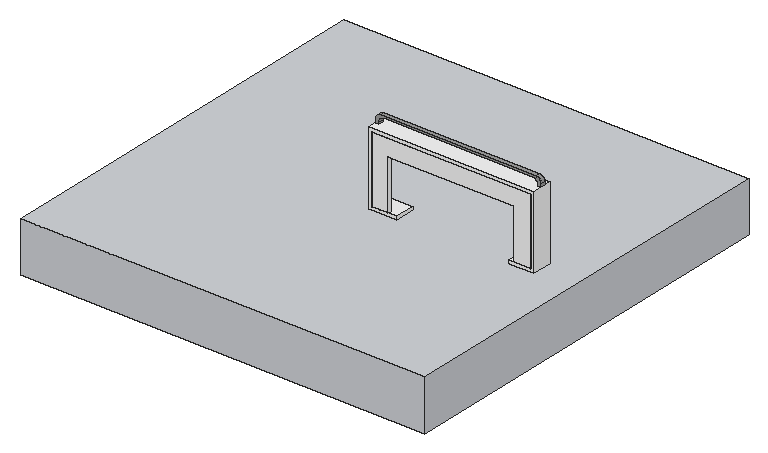
Revit family "IS_TonicII_R4310_BIM_GB", category Plumbing Fixtures, host Face, Revit 2014
Parameters (values of type "R4312WG - Tonic II 1000mm Shelf Unit - White Gloss")
  WaterEfficientProduct = no
  WarrantyStartDate [instance] = "1900-12-31T23:59:59"
  WarrantyGuarantorParts = "Productinfo@thebluebook.co.uk"
  WarrantyGuarantorLabor = "n/a"
  WarrantyDurationUnit = "year"
  WarrantyDurationParts = "5"
  WarrantyDurationLabor = "n/a"
  WarrantyDescription = "Manufacturers Warranty"
  WRAS = no
  VolumeUnits = "Litres"
  Version = "1"
  Uniclass2015Version = "Products v1.1"
  Uniclass2015Reference = "Pr_40_30_78_04"
  Uniclass2015Description = "Bathroom integrated duct work"
  Uniclass2 = "n/a"
  URL = "www.idealspec.co.uk"
  Type Comments = "n/a"
  TagNumber [instance] = "n/a"
  TMV3 = no
  SustainabilityPerformance = "n/a"
  SpareParts = "www.fastpart-spares.co.uk"
  Space = "Internal"
  Size = "120 x 440 x 997 mm"
  Shape = "Rectangular"
  SerialNumber [instance] = "n/a"
  Revision = "n/a"
  ReplacementCost = "n/a"
  ProductInformation = "www.idealspec.co.uk/datasheets/R4312WG"
  Phone = "01482 346 461"
  NominalWidth = 997 mm
  NominalLength = 440 mm
  NominalHeight = 120 mm
  NominalDepth = 440 mm
  NettWeight = "5.5 Kg"
  Name = "ISI_Furniture_TonicII_R4312WG_IdealStandard"
  NBSTypeID = "n/a"
  NBSReference = "45-35-72/320"
  NBSOfficeMasterTag = "n/a"
  NBSNote = "n/a"
  NBSDescription = "Bathroom integrated duct work"
  NBSCertification = "n/a"
  ModelReference = Description  # "Tonic II 1000mm shelf unit"
  ModelNumber = Model  # "R4312WG"
  ManufacturerURL = "www.idealspec.co.uk"
  LinearUnits = "millimeters"
  LaminateFinish = ISI_IdealStandard_Sanitaryware_WhiteGlossWG_Render
  Keynote = "n/a"
  InstallationInstructions = "www.idealspec.co.uk/resources.html"
  InstallationDate [instance] = "1900-12-31T23:59:59"
  IfcExportType = "USERDEFINED"
  IfcExportAs = "IfcFurnitureType"
  Help = "Productinfo@thebluebook.co.uk"
  HandleMatl = ISI_IdealStandard_Handle_Silver_Render
  HWFU = 0
  GrossWeight = "n/a"
  Grade = "n/a"
  Finish = "Gloss White"
  Features = "1000mm shelf unit"
  ExpectedLife = "30"
  DurationUnit = "year"
  CurrencyUnit = "n/a"
  CreatedOn = "2016_04_06"
  Cost = 0
  Constituents = "n/a"
  ConnectionType = "Plumbing"
  Color = "Gloss White"
  CodePerformance = "EN 14749:2005"
  Category = "Furniture"
  Reference = "n/a"
  Model = "R4312WG"
  Manufacturer = "Ideal Standard (UK) Ltd"
  ECA = no
  Description = "Tonic II 1000mm shelf unit"
  Default Elevation = 800 mm
  CWFU = 0
  Brand = "Ideal Standard"
  BarCode = "3391500572157"
  BREEAM = no
  BIMObjectName = "ISI_IdealStandard_Furniture_TonicII_R4312WG"
  Author = "Ideal Standard (UK) Ltd"
  AssetType = "Fixed"
  AssetIdentifier [instance] = "n/a"
  Assembly Code = "C1030200"
  AreaUnits = "millimeters"
  AreaMeasurement = "n/a"
  Accessories = "www.idealspec.co.uk"
  AccessibilityPerformance = "n/a"
Types (15, lengths in mm): name | Size | ProductInformation | NominalWidth | NettWeight | Name | ModelReference | ModelNumber | LaminateFinish | Finish | Features | Color | Model | Description | BarCode | BIMObjectName
  R4310FE - Tonic II 600mm Shelf Unit - Wood Light Grey | "120 x 440 x 597 mm" | "www.idealspec.co.uk/datasheets/R4310FE" | 597 | "4.5 Kg" | "ISI_Furniture_TonicII_R4310FE_IdealStandard" | "Tonic II 600mm shelf unit" | "R4310FE" | ISI_IdealStandard_Sanitaryware_WoodLightGreyFE_Render | "Light Grey Wood" | "600mm shelf unit" | "Light Grey Wood" | "R4310FE" | "Tonic II 600mm shelf unit" | "3391500572096" | "ISI_IdealStandard_Furniture_TonicII_R4310FE"
  R4310FF - Tonic II 600mm Shelf Unit - Wood Light Brown | "120 x 440 x 597 mm" | "www.idealspec.co.uk/datasheets/R4310FF" | 597 | "4.5 Kg" | "ISI_Furniture_TonicII_R4310FF_IdealStandard" | "Tonic II 600mm shelf unit" | "R4310FF" | ISI_IdealStandard_Sanitaryware_WoodLightBrownFF_Render | "Light Brown Wood" | "600mm shelf unit" | "Light Brown Wood" | "R4310FF" | "Tonic II 600mm shelf unit" | "3391500572089" | "ISI_IdealStandard_Furniture_TonicII_R4310FF"
  R4310FC - Tonic II 600mm Shelf Unit - Gloss Light Brown | "120 x 440 x 597 mm" | "www.idealspec.co.uk/datasheets/R4310FC" | 597 | "4.5 Kg" | "ISI_Furniture_TonicII_R4310FC_IdealStandard" | "Tonic II 600mm shelf unit" | "R4310FC" | ISI_IdealStandard_Sanitaryware_GlossLightBrownFC_Render | "Light Brown Gloss" | "600mm shelf unit" | "Light Brown Gloss" | "R4310FC" | "Tonic II 600mm shelf unit" | "3391500572072" | "ISI_IdealStandard_Furniture_TonicII_R4310FC"
  R4310FA - Tonic II 600mm Shelf Unit - Gloss light Grey | "120 x 440 x 597 mm" | "www.idealspec.co.uk/datasheets/R4310FA" | 597 | "4.5 Kg" | "ISI_Furniture_TonicII_R4310FA_IdealStandard" | "Tonic II 600mm shelf unit" | "R4310FA" | ISI_IdealStandard_Sanitaryware_GlossLightGreyFA_Render | "Light Grey Gloss" | "600mm shelf unit" | "Light Grey Gloss" | "R4310FA" | "Tonic II 600mm shelf unit" | "3391500572065" | "ISI_IdealStandard_Furniture_TonicII_R4310FA"
  R4310WG - Tonic II 600mm Shelf Unit - White Gloss | "120 x 440 x 597 mm" | "www.idealspec.co.uk/datasheets/R4310WG" | 597 | "4.5 Kg" | "ISI_Furniture_TonicII_R4310WG_IdealStandard" | "Tonic II 600mm shelf unit" | "R4310WG" | ISI_IdealStandard_Sanitaryware_WhiteGlossWG_Render | "Gloss White" | "600mm shelf unit" | "Gloss White" | "R4310WG" | "Tonic II 600mm shelf unit" | "3391500572058" | "ISI_IdealStandard_Furniture_TonicII_R4310WG"
  R4311WG - Tonic II 800mm Shelf Unit - White Gloss | "120 x 440 x 797 mm" | "www.idealspec.co.uk/datasheets/R4311WG" | 797 | "5 Kg" | "ISI_Furniture_TonicII_R4311WG_IdealStandard" | "Tonic II 800mm shelf unit" | "R4311WG" | ISI_IdealStandard_Sanitaryware_WhiteGlossWG_Render | "Gloss White" | "800mm shelf unit" | "Gloss White" | "R4311WG" | "Tonic II 800mm shelf unit" | "3391500572102" | "ISI_IdealStandard_Furniture_TonicII_R4311WG"
  R4311FF - Tonic II 800mm Shelf Unit - Wood Light Brown | "120 x 440 x 797 mm" | "www.idealspec.co.uk/datasheets/R4311FF" | 797 | "5 Kg" | "ISI_Furniture_TonicII_R4311FF_IdealStandard" | "Tonic II 800mm shelf unit" | "R4311FF" | ISI_IdealStandard_Sanitaryware_WoodLightBrownFF_Render | "Light Brown Wood" | "800mm shelf unit" | "Light Brown Wood" | "R4311FF" | "Tonic II 800mm shelf unit" | "3391500572133" | "ISI_IdealStandard_Furniture_TonicII_R4311FF"
  R4311FE - Tonic II 800mm Shelf Unit - Wood Light Grey | "120 x 440 x 797 mm" | "www.idealspec.co.uk/datasheets/R4311FE" | 797 | "5 Kg" | "ISI_Furniture_TonicII_R4311FE_IdealStandard" | "Tonic II 800mm shelf unit" | "R4311FE" | ISI_IdealStandard_Sanitaryware_WoodLightGreyFE_Render | "Light Grey Wood" | "800mm shelf unit" | "Light Grey Wood" | "R4311FE" | "Tonic II 800mm shelf unit" | "3391500572140" | "ISI_IdealStandard_Furniture_TonicII_R4311FE"
  R4311FA - Tonic II 800mm Shelf Unit - Gloss Light Grey | "120 x 440 x 797 mm" | "www.idealspec.co.uk/datasheets/R4311FA" | 797 | "5 Kg" | "ISI_Furniture_TonicII_R4311FA_IdealStandard" | "Tonic II 800mm shelf unit" | "R4311FA" | ISI_IdealStandard_Sanitaryware_GlossLightGreyFA_Render | "Light Grey Gloss" | "800mm shelf unit" | "Light Grey Gloss" | "R4311FA" | "Tonic II 800mm shelf unit" | "3391500572119" | "ISI_IdealStandard_Furniture_TonicII_R4311FA"
  R4311FC - Tonic II 800mm Shelf Unit - Gloss Light Brown | "120 x 440 x 797 mm" | "www.idealspec.co.uk/datasheets/R4311FC" | 797 | "5 Kg" | "ISI_Furniture_TonicII_R4311FC_IdealStandard" | "Tonic II 800mm shelf unit" | "R4311FC" | ISI_IdealStandard_Sanitaryware_GlossLightBrownFC_Render | "Light Brown Gloss" | "800mm shelf unit" | "Light Brown Gloss" | "R4311FC" | "Tonic II 800mm shelf unit" | "3391500572126" | "ISI_IdealStandard_Furniture_TonicII_R4311FC"
  R4312FE - Tonic II 1000mm Shelf Unit - Wood Light Grey | "120 x 440 x 997 mm" | "www.idealspec.co.uk/datasheets/R4312FE" | 997 | "5.5 Kg" | "ISI_Furniture_TonicII_R4312FE_IdealStandard" | "Tonic II 1000mm shelf unit" | "R4312FE" | ISI_IdealStandard_Sanitaryware_WoodLightGreyFE_Render | "Light Grey Wood" | "1000mm shelf unit" | "Light Grey Wood" | "R4312FE" | "Tonic II 1000mm shelf unit" | "3391500572195" | "ISI_IdealStandard_Furniture_TonicII_R4312FE"
  R4312FF - Tonic II 1000mm Shelf Unit - Wood Light Brown | "120 x 440 x 997 mm" | "www.idealspec.co.uk/datasheets/R4312FF" | 997 | "5.5 Kg" | "ISI_Furniture_TonicII_R4312FF_IdealStandard" | "Tonic II 1000mm shelf unit" | "R4312FF" | ISI_IdealStandard_Sanitaryware_WoodLightBrownFF_Render | "Light Brown Wood" | "1000mm shelf unit" | "Light Brown Wood" | "R4312FF" | "Tonic II 1000mm shelf unit" | "3391500572188" | "ISI_IdealStandard_Furniture_TonicII_R4312FF"
  R4312FA - Tonic II 1000mm Shelf Unit - Gloss Light Grey | "120 x 440 x 997 mm" | "www.idealspec.co.uk/datasheets/R4312FA" | 997 | "5.5 Kg" | "ISI_Furniture_TonicII_R4312FA_IdealStandard" | "Tonic II 1000mm shelf unit" | "R4312FA" | ISI_IdealStandard_Sanitaryware_GlossLightGreyFA_Render | "Light Grey Gloss" | "1000mm shelf unit" | "Light Grey Gloss" | "R4312FA" | "Tonic II 1000mm shelf unit" | "3391500572164" | "ISI_IdealStandard_Furniture_TonicII_R4312FA"
  R4312FC - Tonic II 1000mm Shelf Unit - Gloss Light Brown | "120 x 440 x 997 mm" | "www.idealspec.co.uk/datasheets/R4312FC" | 997 | "5.5 Kg" | "ISI_Furniture_TonicII_R4312FC_IdealStandard" | "Tonic II 1000mm shelf unit" | "R4312FC" | ISI_IdealStandard_Sanitaryware_GlossLightBrownFC_Render | "Light Brown Gloss" | "1000mm shelf unit" | "Light Brown Gloss" | "R4312FC" | "Tonic II 1000mm shelf unit" | "3391500572171" | "ISI_IdealStandard_Furniture_TonicII_R4312FC"
  R4312WG - Tonic II 1000mm Shelf Unit - White Gloss | "120 x 440 x 997 mm" | "www.idealspec.co.uk/datasheets/R4312WG" | 997 | "5.5 Kg" | "ISI_Furniture_TonicII_R4312WG_IdealStandard" | "Tonic II 1000mm shelf unit" | "R4312WG" | ISI_IdealStandard_Sanitaryware_WhiteGlossWG_Render | "Gloss White" | "1000mm shelf unit" | "Gloss White" | "R4312WG" | "Tonic II 1000mm shelf unit" | "3391500572157" | "ISI_IdealStandard_Furniture_TonicII_R4312WG"
Reference planes
  plane 1 "Center (Front/Back)": y = 0
  plane 2: z = 0
  plane 3 "Center (Left/Right)": x = 0
  plane 4: x = 997
  plane 5: y = -65
  plane 6: y = -40
  plane 7: y = -65
  plane 8: x = 977
  plane 9: x = 20
  plane 10: z = 440
  plane 11: z = 490
  plane 12: z = 480
  plane 13: y = -120
Forms (mm)
  Extrusion 1, solid
    sketch origin (0, 0, 0) x (1, 0, 0) y (0, 1, 0)
      loop
        line (-1219.2, 1219.2) -> (-1219.2, -1219.2) -> (1219.2, -1219.2) -> (1219.2, 1219.2) -> (-1219.2, 1219.2)
    from 0 to -304.8
  Extrusion 2, solid, material "ISI_IdealStandard_Sanitaryware_WhiteGlossWG_Render" <- "LaminateFinish"
    sketch origin (0, 0, 0) x (1, 0, 0) y (0, 0, 1)
      loop
        line (170, 0) -> (170, 18) -> (20, 18) -> (20, 422) -> (977, 422) -> (977, 18) -> (847, 18) -> (847, 0) -> (997, 0) -> (997, 440) -> (0, 440) -> (0, 0) -> (170, 0)
    from 0 to 120
  Extrusion 3, solid, material "ISI_IdealStandard_Sanitaryware_WhiteGlossWG_Render" <- "LaminateFinish"
    sketch origin (0, 0, 0) x (1, 0, 0) y (0, 0, 1)
      loop
        line (20, 422) -> (20, 18) -> (120, 18) -> (120, 322) -> (877, 322) -> (877, 18) -> (977, 18) -> (977, 422) -> (20, 422)
    from 102 to 120
  Extrusion 4, solid, material "ISI_IdealStandard_Handle_Silver_Render" <- "HandleMatl"
    sketch origin (0, 0, 0) x (1, 0, 0) y (0, 0, 1)
      loop
        line (20, 440) -> (20, 450)
        arc (20, 450) -> (28.787, 471.213) -> (50, 480) r 30
        line (50, 480) -> (947, 480)
        arc (947, 480) -> (968.213, 471.213) -> (977, 450) r 30
        line (977, 450) -> (977, 440) -> (997, 440) -> (997, 460)
        arc (997, 460) -> (988.213, 481.213) -> (967, 490) r 30
        line (967, 490) -> (30, 490)
        arc (30, 490) -> (8.787, 481.213) -> (0, 460) r 30
        line (0, 460) -> (0, 440) -> (20, 440)
    from 40 to 65
Dimensions and locks
  locked: plane 13 to plane 1 "Center (Front/Back)" at 120
  "NominalWidth": plane 3 "Center (Left/Right)" to plane 4
  locked: plane 3 "Center (Left/Right)" to plane 9 at 20
  locked: plane 8 to plane 4 at 20
  locked: plane 6 to plane 1 "Center (Front/Back)" at 40
  locked: plane 7 to plane 6 at 25
  "NominalDepth": plane 10 to level
  locked: plane 11 to plane 10 at 50
  locked: plane 11 to plane 12 at 10
  aligned and locked: plane 2 to Extrusion 1
  aligned and locked: level to Extrusion 1
  aligned and locked: plane 3 "Center (Left/Right)" to Extrusion 2 sketch curve
  aligned and locked: Extrusion 3 sketch curve to Extrusion 2  (x4)
  aligned and locked: Extrusion 2 to Extrusion 3 sketch curve
  aligned and locked: plane 13 to Extrusion 2
  aligned and locked: Extrusion 2 to plane 1 "Center (Front/Back)"
  aligned and locked: Extrusion 2 to Extrusion 3
Automatic sketch dimensions
  Extrusion 1 sketch curve to Extrusion 1 sketch curve = 2438.4 mm  (x2)
  Extrusion 2 sketch curve to plane 9 = 0 mm
  Extrusion 2 sketch curve to level = 0 mm  (x2)
  Extrusion 2 sketch curve to plane 8 = 0 mm
  Extrusion 2 sketch curve to plane 4 = 0 mm
  Extrusion 2 sketch curve to plane 10 = 0 mm
  plane 9 to Extrusion 2 sketch curve = 150 mm
  Extrusion 2 sketch curve to plane 8 = 130 mm
  Extrusion 2 sketch curve to Extrusion 2 sketch curve = 18 mm  (x2)
  Extrusion 2 sketch curve to plane 10 = 18 mm
  plane 9 to Extrusion 3 sketch curve = 100 mm
  Extrusion 3 sketch curve to Extrusion 3 sketch curve = 100 mm
  Extrusion 3 sketch curve to plane 10 = 118 mm
  Extrusion 4 sketch curve to plane 3 "Center (Left/Right)" = 0 mm
  Extrusion 4 sketch curve to plane 9 = 0 mm
  Extrusion 4 sketch curve to plane 11 = 0 mm
  Extrusion 4 sketch curve to plane 12 = 0 mm
  Extrusion 4 sketch curve to plane 8 = 0 mm
  Extrusion 4 sketch curve to plane 4 = 0 mm
  Extrusion 4 sketch curve to plane 10 = 0 mm  (x2)
  plane 9 to Extrusion 4 sketch curve = 10 mm
  plane 10 to Extrusion 4 sketch curve = 10 mm
  Extrusion 4 sketch curve to plane 8 = 30 mm
  Extrusion 4 sketch curve to plane 8 = 10 mm
